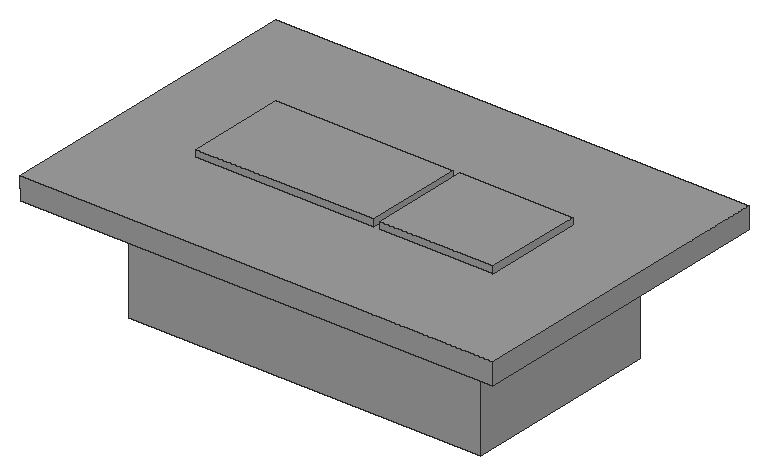
Revit family "IS_Flushplate_Multiproduct_BIM_GB_VV6398;VV6400;VV6410", category Plumbing Fixtures, host Face, Revit 2012
Parameters (values of type "VV641006 - Karisma flush plate, dual flush, pneumatic - Satin")
  WaterEfficientProduct = no
  WarrantyInformation = "http://www.idealspec.co.uk/contact-us.html"
  WarrantyGuarantorParts = Manufacturer  # "Ideal Standard Ltd"
  WarrantyDurationUnit = "Years"
  WarrantyDurationParts = "5"
  WarrantyDescription = "Manufacturers Warranty"
  WRAS = no
  Version = "1"
  VV6410 = yes
  VV6400 = no
  VV6398 = no
  Uniclass2 = ""
  URL = "http://www.idealspec.co.uk/catalogue/bluebook/wcs/cisterns-and-fittings/flush-plates_p88.html"
  Type Comments = "n/a"
  ToiletType = "n/a"
  ToiletPanType = "n/a"
  TagNumber = "n/a"
  TMV3 = no
  SustainabilityPerformance = "n/a"
  StandardsConformance = "n/a"
  SpareParts = "www.fastpart-spares.co.uk"
  Space = "Internal"
  Size = "215mm x 145mm x 10mm"
  Shape = "Rectangular"
  SendEnquiry = "http://www.idealspec.co.uk/contact-us.html"
  SalesInformation = "http://www.idealspec.co.uk/contact-us.html"
  ReplacementCost = "n/a"
  ProductInformation = "http://www.idealspec.co.uk/assets/datasheet/E4463AA"
  ProductDataSheet = "http://www.idealspec.co.uk/assets/datasheet/E4463AA"
  Phone = "01482 346 461"
  PartNumber = Model  # "VV641006"
  PanMounting = ""
  NominalWidth = 145 mm
  NominalLength = 215 mm
  NominalHeight = 10 mm
  Name = "FLUSHMECHANISM_IdealStandard_InWallSystemFlushPlates_AllVariants"
  NBSTypeID = "n/a"
  NBSReference = "300"
  NBSOfficeMasterTag = "n/a"
  NBSNote = "n/a"
  NBSDescription = ""
  NBSCertification = "n/a"
  ModelReference = Model  # "VV641006"
  ModelNumber = "VV641006"
  Model = "VV641006"
  Material = "ABS"
  ManufacturerURL = "www.idealspec.co.uk"
  Manufacturer = "Ideal Standard Ltd"
  MaintenanceInformation = "http://www.idealspec.co.uk/contact-us.html"
  InstallationInstructions = "http://www.idealspec.co.uk/resources/advanced-instructions-search.html?advanced=y"
  InstallationDate = "0"
  Help = "http://www.idealspec.co.uk/contact-us.html"
  GrossWeight = "n/a"
  Grade = "n/a"
  Finish = Color  # "Satin"
  Features = "flush plate, dual flush, pnuematic"
  ExpectedLife = "n/a"
  Email = "productinfo@thebluebook.co.uk"
  ECA = no
  DurationUnit = "Years"
  DistributedBy = "n/a"
  Description = "Karisma flush plate, dual flush, pneumatic"
  Default Elevation = 1219.2 mm
  CurrentRevision = "1"
  CreatedOn = "2014-10-09"
  CreatedBy = Manufacturer  # "Ideal Standard Ltd"
  Constituents = "n/a"
  ConnectionType = "Pneumatic"
  Company = Manufacturer  # "Ideal Standard Ltd"
  Color = "Satin"
  Category = "SanitaryTerminal_CISTERN_UK"
  BREEAM = no
  BIMObjectName = "FLUSHMECHANISM_IdealStandard_InWallSystemFlushPlates_AllVariants"
  Author = "Ideal Standard"
  AssetType = "Fixed"
  AssetIdentifier = "n/a"
  Assembly Code = "C1030200"
  AreaMeasurement = "n/a"
  Accessories = "www.idealspec.co.uk"
  AccessibilityPerformance = "n/a"
Types (6, lengths in mm): name | VV6410 | VV6400 | VV6398 | Size | ProductInformation | ProductDataSheet | PartNumber | ModelReference | ModelNumber | Model | Material | Finish | Features | Description | Color
  VV639864 - Trend stainless steel flush plate, dual flush, pnuematic with tamper resistant screws - Chrome | no | no | yes | "215mm x 145mm x 2mm" | "http://www.idealspec.co.uk/resources.html" | "http://www.idealspec.co.uk/resources.html" | "VV639864" | "VV639864" | "VV639864" | "VV639864" | "Stainless Steel" | "Chrome" | "stainless steel flush plate, dual flush, pnuematic with tamper resistant screws" | "Trend stainless steel flush plate, dual flush, pnuematic with tamper resistant screws" | "Chrome"
  VV639866 - Trend stainless steel flush plate, dual flush, pnuematic with tamper resistant screws - Satin | no | no | yes | "215mm x 145mm x 2mm" | "http://www.idealspec.co.uk/resources.html" | "http://www.idealspec.co.uk/resources.html" | "VV639866" | "VV639866" | "VV639866" | "VV639866" | "Stainless Steel" | "Satin" | "stainless steel flush plate, dual flush, pnuematic with tamper resistant screws" | "Trend stainless steel flush plate, dual flush, pnuematic with tamper resistant screws" | "Satin"
  VV640084 - Salina flush plate, dual flush, pnuematic - Chrome | no | yes | no | "215mm x 145mm x 10mm" | "http://www.idealspec.co.uk/resources.html" | "http://www.idealspec.co.uk/resources.html" | "VV640084" | "VV640084" | "VV640084" | "VV640084" | "ABS" | "Chrome" | "flush plate, dual flush, pnuematic" | "Salina flush plate, dual flush, pnuematic" | "Chrome"
  VV640086 - Salina flush plate, dual flush, pnuematic - Satin | no | yes | no | "215mm x 145mm x 10mm" | "http://www.idealspec.co.uk/resources.html" | "http://www.idealspec.co.uk/resources.html" | "VV640086" | "VV640086" | "VV640086" | "VV640086" | "ABS" | "Satin" | "flush plate, dual flush, pnuematic" | "Salina flush plate, dual flush, pnuematic" | "Satin"
  VV641004 - Karisma flush plate, dual flush, pneumatic - Chrome | yes | no | no | "215mm x 145mm x 10mm" | "http://www.idealspec.co.uk/assets/datasheet/E4463AA" | "http://www.idealspec.co.uk/assets/datasheet/E4463AA" | "VV641004" | "VV641004" | "VV641004" | "VV641004" | "ABS" | "Chrome" | "flush plate, dual flush, pnuematic" | "Karisma flush plate, dual flush, pneumatic" | "Chrome"
  VV641006 - Karisma flush plate, dual flush, pneumatic - Satin | yes | no | no | "215mm x 145mm x 10mm" | "http://www.idealspec.co.uk/assets/datasheet/E4463AA" | "http://www.idealspec.co.uk/assets/datasheet/E4463AA" | "VV641006" | "VV641006" | "VV641006" | "VV641006" | "ABS" | "Satin" | "flush plate, dual flush, pnuematic" | "Karisma flush plate, dual flush, pneumatic" | "Satin"
Reference planes
  plane 1 "Center (Front/Back)": y = 0
  plane 2: z = 0
  plane 3 "Center (Left/Right)": x = 0
  plane 4: x = 215
  plane 5: y = 145
  plane 6: x = 107.5
Forms (mm)
  Extrusion 1, solid, material "Stainless Steel", visible <- "VV6398"
    sketch origin (0, 0, 0) x (1, 0, 0) y (0, 1, 0)
      loop
        line (0, 145) -> (0, 0) -> (215, 0) -> (215, 145) -> (0, 145)
    from 0 to 2
  Extrusion 2, solid, material "Stainless Steel", detail levels fine
    sketch origin (0, 0, 0) x (1, 0, 0) y (0, 1, 0)
      loop
        line (27.5, 117.5) -> (27.5, 27.5) -> (187.5, 27.5) -> (187.5, 117.5) -> (27.5, 117.5)
    from 0 to -50
  Extrusion 3, solid, material "Stainless Steel", visible <- "VV6398"
    sketch origin (0, 0, 0) x (1, 0, 0) y (0, 1, 0)
      loop
        circle (70.468, 72.601) r 20
    from 0 to 5
  Extrusion 4, solid, material "Stainless Steel", visible <- "VV6398"
    sketch origin (215, 0, 0) x (-1, 0, 0) y (0, -1, 0)
      loop
        circle (70.468, -72.601) r 20
    from 0 to 5
  Extrusion 5, solid, material "Chrome Plastic", visible <- "VV6400"
    sketch origin (0, 0, 0) x (1, 0, 0) y (0, 1, 0)
      loop
        line (0, 145) -> (0, 0) -> (215, 0) -> (215, 145) -> (0, 145)
    from 0 to 10
  Extrusion 6, solid, material "Chrome Plastic", visible <- "VV6400"
    sketch origin (0, 0, 0) x (1, 0, 0) y (0, 1, 0)
      loop
        arc (70, 102.5) -> (50.555, 94.445) -> (42.5, 75) r 27.5
        line (42.5, 75) -> (42.5, 70)
        arc (42.5, 70) -> (50.555, 50.555) -> (70, 42.5) r 27.5
        line (70, 42.5) -> (122.5, 42.5)
        arc (122.5, 42.5) -> (118.191, 72.5) -> (122.5, 102.5) r 106.587
        line (122.5, 102.5) -> (70, 102.5)
      loop
        arc (172.5, 75) -> (164.445, 94.445) -> (145, 102.5) r 27.5
        line (145, 102.5) -> (125.63, 102.5)
        arc (125.63, 102.5) -> (121.191, 72.5) -> (125.63, 42.5) r 103.587
        line (125.63, 42.5) -> (145, 42.5)
        arc (145, 42.5) -> (164.445, 50.555) -> (172.5, 70) r 27.5
        line (172.5, 70) -> (172.5, 75)
    from 0 to 13
  Extrusion 7, solid, material "Chrome Plastic", visible <- "VV6410"
    sketch origin (0, 0, 0) x (1, 0, 0) y (0, 1, 0)
      loop
        line (0, 145) -> (0, 0) -> (215, 0) -> (215, 145) -> (0, 145)
    from 0 to 10
  Extrusion 8, solid, material "Chrome Plastic", visible <- "VV6410"
    sketch origin (0, 0, 0) x (1, 0, 0) y (0, 1, 0)
      loop
        line (40, 50) -> (120.593, 50) -> (120.593, 95) -> (40, 95) -> (40, 50)
      loop
        line (123.664, 50) -> (175, 50) -> (175, 95) -> (123.664, 95) -> (123.664, 50)
    from 0 to 13
Dimensions and locks
  "NominalLength": plane 3 "Center (Left/Right)" to plane 4
  "NominalWidth": plane 5 to plane 1 "Center (Front/Back)"
  plane 3 "Center (Left/Right)" to Extrusion 3 sketch curve = 70.468 mm
  "NominalHeight": Extrusion 7 to host face
  aligned and locked: plane 2 to host face
  aligned and locked: level to host face
  aligned and locked: Extrusion 1 sketch curve to plane 5
  aligned and locked: plane 3 "Center (Left/Right)" to Extrusion 1 sketch curve
  aligned and locked: Extrusion 1 sketch curve to plane 1 "Center (Front/Back)"
  aligned and locked: Extrusion 1 sketch curve to plane 4
  aligned and locked: Extrusion 5 sketch curve to Extrusion 1  (x4)
  aligned and locked: Extrusion 7 sketch curve to Extrusion 1  (x4)
Automatic sketch dimensions
  host sketch curve to host sketch curve = 2438.4 mm  (x2)
  plane 3 "Center (Left/Right)" to Extrusion 2 sketch curve = 27.5 mm
  Extrusion 2 sketch curve to plane 4 = 27.5 mm
  Extrusion 2 sketch curve to plane 1 "Center (Front/Back)" = 27.5 mm
  Extrusion 2 sketch curve to plane 5 = 27.5 mm
  Extrusion 3 sketch curve to plane 5 = 72.399 mm
  Extrusion 4 sketch curve to plane 6 = 37.032 mm
  Extrusion 4 sketch curve to plane 5 = 72.399 mm
  Extrusion 6 sketch curve to Extrusion 6 sketch curve = 0 mm  (x4)
  plane 3 "Center (Left/Right)" to Extrusion 6 sketch curve = 42.5 mm
  plane 6 to Extrusion 6 sketch curve = 37.5 mm
  Extrusion 6 sketch curve to plane 6 = 15 mm  (x2)
  Extrusion 6 sketch curve to Extrusion 6 sketch curve = 3.13 mm  (x2)
  Extrusion 6 sketch curve to Extrusion 6 sketch curve = 19.37 mm  (x2)
  Extrusion 6 sketch curve to Extrusion 6 sketch curve = 27.5 mm
  plane 4 to Extrusion 6 sketch curve = 9.778 mm
  Extrusion 6 sketch curve to plane 1 "Center (Front/Back)" = 42.5 mm
  Extrusion 6 sketch curve to Extrusion 6 sketch curve = 2.5 mm
  plane 3 "Center (Left/Right)" to Extrusion 8 sketch curve = 40 mm
  Extrusion 8 sketch curve to plane 6 = 13.093 mm
  Extrusion 8 sketch curve to Extrusion 8 sketch curve = 3.071 mm
  Extrusion 8 sketch curve to plane 4 = 40 mm
  Extrusion 8 sketch curve to plane 1 "Center (Front/Back)" = 50 mm
  Extrusion 8 sketch curve to Extrusion 8 sketch curve = 0 mm  (x2)
  Extrusion 8 sketch curve to Extrusion 8 sketch curve = 45 mm
  radius of Extrusion 3 sketch curve = 20 mm
  radius of Extrusion 4 sketch curve = 20 mm
